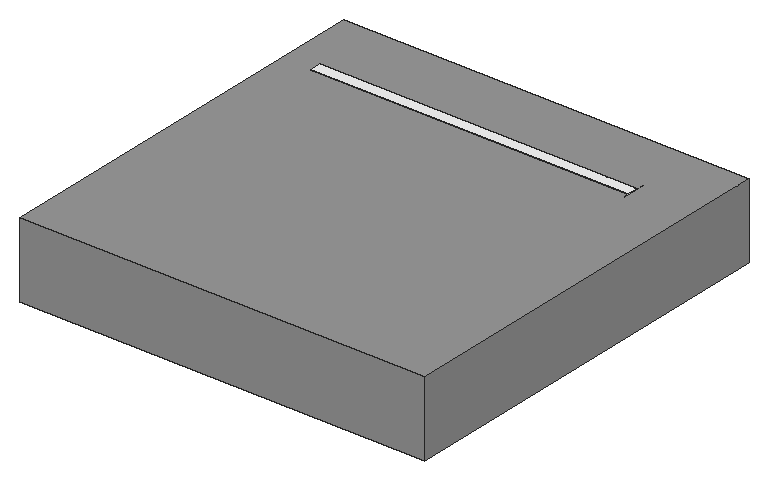
Revit family "BC_Hitachi_RPK-2-4FSRM_LOD400", category Mechanical Equipment, host Face, Revit 2018
Family settings
  Host = Face
  Round Connector Dimension = Use Diameter
  Part Type = Normal
  OmniClass Number = 23.75.00.00
  OmniClass Title = Climate Control (HVAC)
  Cut with Voids When Loaded = No
  Shared = No
  Room Calculation Point = No
Parameters (values of type "RPK-2.0FSRM")
  Uniformat code = "D3040"
  Uniformat = "Distribution Systems"
  Sound pressure level - Speed Medium (dB(A)) = 31
  Sound pressure level - Speed Low (dB(A)) = 34
  Sound pressure level - Speed Hi2 (dB(A)) = 40
  Sound pressure level - Speed Hi (dB(A)) = 37
  Sound power level - Speed Medium (dB(A)) = 50
  Sound power level - Speed Hi2 (dB(A)) = 55
  Sound Power Min = 47
  Remote control = "PC-ARFP1E / PC-AWR (*)"  # constant formula
  Refrigerant pipe connection = "Flare nuts"
  Refrigerant Type = "R410A / R32"
  Reference = "RPK-2.0FSRM"
  Product Code = "60279209"
  Packaging volume = 0.14 m³
  Overall width = 1100.00 mm
  Overall height = 300.00 mm
  Overall depth = 260.00 mm
  Outlet Diameter = 20.00 mm
  Operation and service space - d = 1000.00 mm  # constant formula
  Operation and service space - c = 100.00 mm  # constant formula
  Operation and service space - b = 200.00 mm  # constant formula
  Operation and service space - a = 100.00 mm  # constant formula
  Operation and service space - Material = Operation and service space
  Operation and service space = yes
  OmniClass description = "Air Handling Units"
  OmniClass code = "23-33 25 00"
  Number of Poles = 1
  Nominal heating capacity (UTOPIA) = 5.6 kW
  Nominal cooling capacity (UTOPIA) = 5 kW
  Nominal Voltage = 230 V
  Minimum Air Flow = 870.0 m³/h
  Maximum Air Flow = 1380.0 m³/h
  Liquid Diameter = 6.35 mm
  Heating Capacity = 6.3 kW
  Gas Diameter = 12.70 mm
  Cooling Capacity = 5.6 kW
  Net Weight = 14.50 kg
  Name BIM&CO = "Indoor Unit"
  Model = "Indoor unit - Wall hung RPK- 2-4 FSRM"
  Maximum Current = 5 A
  Masterformat Code = "23 73 00"
  MasterFormat = "Indoor Central-Station Air-Handling Units"
  Manufacturer Product Link = ""
  GTIN (Global Trade Item Number)  = ""
  Manufacturer = "Hitachi Air Conditioning Europe SAS"
  Frequency = 50 Hz
  Engine Power = 40 W
  Default Elevation = 1219.20 mm
  Distance rear right side pipe wire hole = 107.00 mm
  Distance rear left side pipe wire hole = 136.00 mm
  Distance Gas pipe = Distance rear right side pipe wire hole  # 107.00 mm
  Diameter right side pipe wire hole = 65.00 mm
  Diameter left side pipe wire hole = Diameter right side pipe wire hole  # 65.00 mm
  Description = "Wall Hung without electronic expansion valve inside"
  Type Comments = "RPK-2.0FSRM"
  BC_VARIANT_ID = "508766"
  BC_OBJECT_VERSION = "#9"  # constant formula
  BC_OBJECT_ID = "209118"  # constant formula
  BC_MODEL_ID = ""  # constant formula
  Air Flow - Speed Medium = 660.0 m³/h
  Air Flow - Speed Hi = 780.0 m³/h
Types (4, lengths in mm): name | Sound pressure level - Speed Medium (dB(A)) | Sound pressure level - Speed Low (dB(A)) | Sound pressure level - Speed Hi2 (dB(A)) | Sound pressure level - Speed Hi (dB(A)) | Sound power level - Speed Medium (dB(A)) | Sound power level - Speed Hi2 (dB(A)) | Sound Power Min | Reference | Product Code | Nominal heating capacity (UTOPIA) | Nominal cooling capacity (UTOPIA) | Minimum Air Flow | Maximum Air Flow | Liquid Diameter | Heating Capacity | Gas Diameter | Cooling Capacity | Net Weight | Type Comments | BC_VARIANT_ID | Air Flow - Speed Medium | Air Flow - Speed Hi
  RPK-2.0FSRM | 31 | 34 | 40 | 37 | 50 | 55 | 47 | "RPK-2.0FSRM" | "60279209" | 5.6 kW | 5 kW | 870.0 m³/h | 1380.0 m³/h | 6.35 | 6.3 kW | 12.70 | 5.6 kW | 14.50 kg | "RPK-2.0FSRM" | "508766" | 660.0 m³/h | 780.0 m³/h
  RPK-2.5FSRM | 35 | 38 | 45 | 42 | 54 | 60 | 54 | "RPK-2.0FSRM" | "60279212" | 6.3 kW | 5.6 kW | 570.0 m³/h | 870.0 m³/h | 9.52 | 6.3 kW | 15.88 | 5.6 kW | 15.00 kg | "RPK-2.5FSRM" | "508763" | 840.0 m³/h | 990.0 m³/h
  RPK-3.0FSRM | 35 | 40 | 47 | 44 | 56 | 63 | 51 | "RPK-3.0FSRM" | "60279211" | 8 kW | 7.1 kW | 720.0 m³/h | 1100.0 m³/h | 9.52 | 9 kW | 15.88 | 8 kW | 15.00 kg | "RPK-3.0FSRM" | "508764" | 930.0 m³/h | 1050.0 m³/h
  RPK-4.0FSRM | 39 | 44 | 51 | 48 | 60 | 65 | 54 | "RPK-4.0FSRM" | "60279212" | 8 kW | 7.1 kW | 750.0 m³/h | 1200.0 m³/h | 9.52 | 9 kW | 15.88 | 8 kW | 15.00 kg | "RPK-4.0FSRM" | "508765" | 1050.0 m³/h | 1200.0 m³/h
Reference planes
  plane 1 "Centre (avant/arrière)": y = 0
  plane 2: z = 0
  plane 3 "Centre (gauche/droite)": x = 0
  plane 4 "AVANT": y = 150
  plane 5 "DROITE": x = 550
  plane 6 "GAUCHE": x = -550
  plane 7 "ARRIERE": y = -150
  plane 8: z = 260
  plane 9: x = 540
  plane 10: x = -540
Forms (mm)
  Extrusion 1, solid, material "Color"
    sketch origin (0, 0, 0) x (1, 0, 0) y (0, 1, 0)
      loop
        line (-550, 150) -> (-550, -150) -> (550, -150) -> (550, 150) -> (-550, 150)
    from 0 to 260
  Sweep 2, void
    path in 3D
      loop
        line (-550, -150, 260) -> (550, -150, 260)
    profile origin (0, -150, 260) x (0, 1, 0) y (0, 0, 1)
      loop
        arc (0, -83.278) -> (58.438, -31.396) -> (130, 0) r 251.012
        line (130, 0) -> (0, 0) -> (0, -83.278)
  Extrusion 3, solid
    sketch origin (0, 0, 0) x (1, 0, 0) y (0, 1, 0)
      loop
        circle (443, -105.236) r 6.35
      loop
        circle (465, -105.681) r 3.175
      loop
        circle (422.054, -104.897) r 10
    from 0 to -20
  Extrusion 4, void
    sketch origin (-550, 150, 0) x (-1, 0, 0) y (0, 0, -1)
      loop
        line (-1090, -126.722) -> (-10, -126.722) -> (-10, -110) -> (-1090, -110) -> (-1090, -126.722)
      loop
        line (-1090, -100) -> (-10, -100) -> (-10, -70) -> (-1090, -70) -> (-1090, -100)
      loop
        line (-1090, -60) -> (-10, -60) -> (-10, -30) -> (-1090, -30) -> (-1090, -60)
      loop
        line (-1090, -20) -> (-10, -20) -> (-10, -7.5) -> (-1090, -7.5) -> (-1090, -20)
    from 0 to 20
  Sweep 5, void
    path in 3D
      loop
        line (550, 150, 260) -> (-550, 150, 260)
    profile origin (0, 150, 260) x (0, -1, 0) y (0, 0, 1)
      loop
        line (130, 0) -> (0, 0) -> (0, -130)
        arc (0, -130) -> (38.076, -38.076) -> (130, 0) r 130
  Extrusion 6, void
    sketch origin (550, -150, 0) x (1, 0, 0) y (0, 0, -1)
      loop
        line (-1090, -176.722) -> (-10, -176.722) -> (-10, -152.685) -> (-1090, -152.685) -> (-1090, -176.722)
    from 0 to 20
  Extrusion 7, solid, material "Operation and service space" <- "Operation and service space - Material"
    sketch origin (0, 0, 0) x (1, 0, 0) y (0, 1, 0)
      loop
        line (-650, 250) -> (-650, -1150) -> (750, -1150) -> (750, 250) -> (-650, 250)
    from 260 to 0
Cuts and joins
  Sweep 2, Extrusion 4, Sweep 5, Extrusion 6 cuts Extrusion 1
Lines and regions (mm)
  sketch lines
    curve 1: line (-550, -150, 260) -> (550, -150, 260)
    curve 10: line (550, 150, 260) -> (-550, 150, 260)
  model lines
    curve 2: circle (-414, -105, 0) r 32.5 normal (0, 0, 1)
    curve 3: circle (443, -105, 0) r 32.5 normal (0, 0, 1)
    curve 4: line (540, 150, 20) -> (-540, 150, 20)
    curve 5: line (540, 150, 30) -> (-540, 150, 30)
    curve 6: line (540, 150, 60) -> (-540, 150, 60)
    curve 7: line (540, 150, 70) -> (-540, 150, 70)
    curve 8: line (540, 150, 100) -> (-540, 150, 100)
    curve 9: line (540, 150, 110) -> (-540, 150, 110)
Dimensions and locks
  equal spacing: plane 6 "GAUCHE", plane 3 "Centre (gauche/droite)", plane 5 "DROITE"
  equal spacing: plane 7 "ARRIERE", plane 1 "Centre (avant/arrière)", plane 4 "AVANT"
  "Overall width": plane 6 "GAUCHE" to plane 5 "DROITE"
  "Overall height": plane 4 "AVANT" to plane 7 "ARRIERE"
  "Overall depth": plane 2 to plane 8
  "Distance rear right side pipe wire hole": curve 3 to plane 5 "DROITE"
  "Distance rear left side pipe wire hole": plane 6 "GAUCHE" to curve 2
  locked: plane 7 "ARRIERE" to curve 2 at 45
  locked: plane 7 "ARRIERE" to curve 3 at 45
  "Distance Gas pipe": Extrusion 3 sketch curve to plane 5 "DROITE"
  locked: plane 5 "DROITE" to plane 9 at 10
  locked: plane 6 "GAUCHE" to plane 10 at 10
  "Operation and service space - a": Extrusion 7 sketch curve to plane 4 "AVANT"
  "Operation and service space - d": Extrusion 7 sketch curve to plane 7 "ARRIERE"
  "Operation and service space - c": Extrusion 7 sketch curve to plane 6 "GAUCHE"
  "Operation and service space - b": plane 5 "DROITE" to Extrusion 7 sketch curve
  "Diameter right side pipe wire hole": diameter of curve 3
  "Diameter left side pipe wire hole": diameter of curve 2
  "Liquid Diameter": diameter of Extrusion 3 sketch curve
  "Gas Diameter": diameter of Extrusion 3 sketch curve
  "Outlet Diameter": diameter of Extrusion 3 sketch curve
  aligned and locked: plane 2 to host face
  aligned and locked: level to host face
  aligned and locked: Extrusion 1 sketch curve to plane 4 "AVANT"
  aligned and locked: Extrusion 1 sketch curve to plane 6 "GAUCHE"
  aligned and locked: Extrusion 1 sketch curve to plane 7 "ARRIERE"
  aligned and locked: Extrusion 1 sketch curve to plane 5 "DROITE"
  aligned and locked: Extrusion 4 sketch curve to curve 9
  aligned and locked: curve 8 to Extrusion 4 sketch curve
  aligned and locked: Extrusion 4 sketch curve to curve 7
  aligned and locked: curve 6 to Extrusion 4 sketch curve
  aligned and locked: Extrusion 4 sketch curve to curve 5
  aligned and locked: curve 4 to Extrusion 4 sketch curve
  aligned and locked: Extrusion 4 sketch curve to plane 9  (x4)
  aligned and locked: Extrusion 4 sketch curve to plane 10  (x4)
  aligned and locked: curve 5 to cut or joined group of Extrusion 1, Sweep 2, Extrusion 4, Sweep 5, Extrusion 6  (x2)
  aligned and locked: curve 6 to cut or joined group of Extrusion 1, Sweep 2, Extrusion 4, Sweep 5, Extrusion 6  (x2)
  aligned and locked: curve 7 to cut or joined group of Extrusion 1, Sweep 2, Extrusion 4, Sweep 5, Extrusion 6  (x2)
  aligned and locked: curve 4 to cut or joined group of Extrusion 1, Sweep 2, Extrusion 4, Sweep 5, Extrusion 6  (x2)
  aligned and locked: curve 8 to cut or joined group of Extrusion 1, Sweep 2, Extrusion 4, Sweep 5, Extrusion 6  (x2)
  aligned and locked: curve 9 to cut or joined group of Extrusion 1, Sweep 2, Extrusion 4, Sweep 5, Extrusion 6  (x2)
  aligned and locked: Extrusion 6 sketch curve to plane 9
  aligned and locked: Extrusion 6 sketch curve to plane 10
Automatic sketch dimensions
  Sweep 2 sketch curve to profile plane = 0.00 mm  (x2)
  Sweep 2 sketch curve to profile plane = 130.00 mm
  Sweep 2 sketch curve to profile plane = 193.837 mm
  Sweep 2 sketch curve to profile plane = 242.758 mm
  host sketch curve to host sketch curve = 2438.40 mm
  host sketch curve to host sketch curve = 2439.20 mm
  Extrusion 4 sketch curve to Extrusion 1 = 7.50 mm
  Extrusion 4 sketch curve to Extrusion 4 sketch curve = 16.722 mm
  curve 9 to Extrusion 1 = 10.00 mm  (x2)
  Extrusion 1 to curve 9 = 110.00 mm
  curve 4 to Extrusion 1 = 10.00 mm
  curve 7 to Extrusion 1 = 10.00 mm  (x2)
  curve 5 to Extrusion 1 = 10.00 mm  (x2)
  curve 6 to Extrusion 1 = 10.00 mm
  curve 8 to Extrusion 1 = 10.00 mm
  curve 8 to curve 9 = 0.00 mm
  curve 6 to curve 7 = 0.00 mm
  curve 4 to curve 5 = 0.00 mm
  curve 9 to curve 8 = 10.00 mm
  curve 8 to curve 7 = 30.00 mm
  curve 7 to curve 6 = 10.00 mm
  curve 6 to curve 5 = 30.00 mm
  curve 5 to curve 4 = 10.00 mm
  Sweep 5 sketch curve to profile plane = 0.00 mm  (x2)
  Sweep 5 sketch curve to profile plane = 130.00 mm
  Extrusion 6 sketch curve to Extrusion 6 sketch curve = 24.037 mm
  Extrusion 6 sketch curve to Extrusion 1 = 83.278 mm
  Extrusion 3 sketch curve to Extrusion 3 sketch curve = 20.946 mm
  Extrusion 3 sketch curve to Extrusion 3 sketch curve = 22.00 mm
  Extrusion 3 sketch curve to plane 7 "ARRIERE" = 44.319 mm
  Extrusion 3 sketch curve to Extrusion 3 sketch curve = 0.444 mm
  Extrusion 3 sketch curve to Extrusion 3 sketch curve = 0.339 mm
Connectors
  piping at (465, -105.681, -20), diameter 6.35, driven by "Liquid Diameter"
    settings: on Extrusion 3, index 1, connector inside diameter 609.6 mm, connector length 0.00 mm, flow factor 0, pipe flow 0.0 L/s, pressure drop 0.0 Pa, fitting loss kfactor 0, connector angle 0.00°, fixture units 0, engagement length 0.00 mm, angle of deflection 0.00°, flow configuration 0, flow direction 0, fitting loss method 0, system type 29, joint type 0, gender type 0, connector reference index -1, connector utility 0, adjustable connector no, is connector primary yes, connector description ""
  piping at (443, -105.236, -20), diameter 12.7, driven by "Gas Diameter"
    settings: on Extrusion 3, index 2, connector inside diameter 609.6 mm, connector length 0.00 mm, flow factor 0, pipe flow 0.0 L/s, pressure drop 0.0 Pa, fitting loss kfactor 0, connector angle 0.00°, fixture units 0, engagement length 0.00 mm, angle of deflection 0.00°, flow configuration 0, flow direction 0, fitting loss method 0, system type 29, joint type 0, gender type 0, connector reference index -1, connector utility 0, adjustable connector no, is connector primary no, connector description ""
  piping at (422.054, -104.897, -20), diameter 20, driven by "Outlet Diameter"
    settings: on Extrusion 3, index 3, connector inside diameter 609.6 mm, connector length 0.00 mm, flow factor 0, pipe flow 0.0 L/s, pressure drop 0.0 Pa, fitting loss kfactor 0, connector angle 0.00°, fixture units 0, engagement length 0.00 mm, angle of deflection 0.00°, flow configuration 0, flow direction 2, fitting loss method 0, system type 16, joint type 0, gender type 0, connector reference index -1, connector utility 0, adjustable connector no, is connector primary no, connector description ""
  electrical at (0, 0, 0), driven by "Nominal Voltage"
    settings: on Extrusion 1, index 4, voltage 230 V, apparent load 0 VA, apparent load phase1 0 VA, apparent load phase2 0 VA, apparent load phase3 0 VA, power factor 1, load classification "Autre", number of poles 1, system type 30, power factor state 1, is connector primary yes, connector utility no, sub classification motor no, connector description ""
